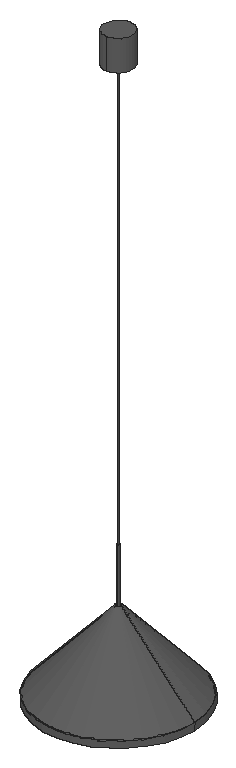
Revit family "Justerbar Lab Pendle_Reagens_Triangle", category Lighting Fixtures, Revit 2021
Family settings
  Round Connector Dimension = Use Diameter
  Part Type = Normal
  OmniClass Number = 23.80.70.00
  OmniClass Title = Lighting
  Work Plane-Based = No
  Always vertical = Yes
  Cut with Voids When Loaded = No
  Light Source = Yes
  Shared = No
  Room Calculation Point = No
Parameters
  Wattage = 9.2903 W
  built-in parameter 1150110 = 1 (stored number, unit not read)
  built-in parameter 1114217 = 1 (stored number, unit not read)
  built-in parameter 1150109 = 1 (stored number, unit not read)
  built-in parameter 1150134 = (empty or 0)
  built-in parameter 1150113 = 1 (stored number, unit not read)
  Spredning = "120"
  MacAdams = "< 3 SCDM"
  Lyskilde = "LED"
  Lumens = 1380 lm
  built-in parameter 1150115 = 1 (stored number, unit not read)
  built-in parameter 1150105 = 109.82 (stored number, unit not read)
  Lumen = "660lm"
  Light Source Symbol Size = 609.6 mm
  built-in parameter 1150137 = (empty or 0)
  built-in parameter 1150139 = (empty or 0)
  Levetid = "L70 50.000 timer"
  Level Heigth [instance] = 4000 mm
  built-in parameter 1150112 = 1 (stored number, unit not read)
  built-in parameter 1150114 = 1 (stored number, unit not read)
  Kjøle metode = "Passiv"
  built-in parameter 1150132 = 2
  built-in parameter 1150102 = (empty or 0)
  built-in parameter 1150138 = (empty or 0)
  built-in parameter 1150107 = 3000 (stored number, unit not read)
  built-in parameter 1150106 = 1.0982 (stored number, unit not read)
  Frekvens Sekundærkilde = "1000 Hz"
  Frekvens = "50-60 Hz"
  Floor thickness [instance] = 400 mm
  Fargetemperatur = "2700K, 3000K,eller DW"
  Farger = "Sort"
  built-in parameter 1150104 = 13.8 (stored number, unit not read)
  Effekt = "6W"
  Driftspenning = "220-240V"
  Dist.floor [instance] = 1800 mm
  Dimming Lamp Color Temperature Shift = <None>
  Dimbar = "Dali eller Triac"
  Default Elevation = 0 mm
  Color Filter = 16777215
  CRI = ">90"
  Beskyttelsesgrad = "IP20"
  built-in parameter 1114218 = 1 (stored number, unit not read)
  built-in parameter 1150133 = 10 (stored number, unit not read)
Reference planes
  plane 1 "Light Source Axis (F/B)": y = 0
  plane 2: z = 0
  plane 3 "Light Source Axis (L/R)": x = 0
  plane 4 "Light Source Elevation": z = 1901.866
  plane 5: z = 2246.117
  plane 6: z = 3503
  plane 7: z = 3510
  plane 8 "Top": z = 4000
  plane 9: z = 3600
  plane 10: z = 1800
Forms (mm)
  Extrusion 1, solid, material "Default New Material"
    sketch origin (0, 0.011, 1200.009) x (0, 1, 0) y (-1, 0, 0)
      loop
        circle (0, 0) r 42.5
    from 2309.991 to 2399.991
  Extrusion 2, solid, material "Default New Material"
    sketch origin (0, 0.011, 1200.009) x (0, 1, 0) y (-1, 0, 0)
      loop
        circle (0, 0) r 6
    from 2302.991 to 2309.991
  Extrusion 3, solid, material "Default New Material"
    sketch origin (0, 0.011, 1200.009) x (0, 1, 0) y (-1, 0, 0)
      loop
        circle (0, 0) r 2.031
    from 1046.108 to 2302.991
Dimensions and locks
  locked: plane 6 to plane 7 at 7
  locked: plane 4 "Light Source Elevation" to plane 5 at 344.252
  "Level Heigth": level to plane 8 "Top"
  "Floor thickness": plane 9 to plane 8 "Top"
  locked: plane 7 to plane 9 at 90
  locked: plane 10 to plane 4 "Light Source Elevation" at 101.866
  "Dist.floor": level to plane 10
  aligned and locked: plane 1 "Light Source Axis (F/B)" to imposter light
  aligned and locked: level to plane 2
  aligned and locked: plane 6 to Extrusion 2
  aligned and locked: plane 7 to Extrusion 1
  aligned and locked: Extrusion 2 to Extrusion 1
  aligned and locked: Extrusion 3 to Extrusion 2
  aligned and locked: Extrusion 3 to plane 5
  aligned and locked: Extrusion 1 to plane 9
  aligned and locked: plane 5 to nested 2
  aligned and locked: nested 3 to nested 2
Automatic sketch dimensions
  Extrusion 1 sketch curve to plane 3 "Light Source Axis (L/R)" = 0 mm
  Extrusion 1 sketch curve to plane 1 "Light Source Axis (F/B)" = 0.011 mm
  Extrusion 2 sketch curve to plane 3 "Light Source Axis (L/R)" = 0 mm
  Extrusion 2 sketch curve to plane 1 "Light Source Axis (F/B)" = 0.011 mm
  Extrusion 3 sketch curve to plane 3 "Light Source Axis (L/R)" = 0 mm
  Extrusion 3 sketch curve to plane 1 "Light Source Axis (F/B)" = 0.011 mm
  radius of Extrusion 1 sketch curve = 42.5 mm
  radius of Extrusion 2 sketch curve = 6 mm
  radius of Extrusion 3 sketch curve = 2.031 mm
Nested families
  nested 1: "2D tegn" at (0, 0, 0), type "2D tegn"
  nested 2: "Family1" at (0, 0, 1287.065), type "Family1"
  nested 3: "Triangle" at (0, 0, 1834.987), type "Triangle"
Definition of nested family "Family1"
  Parameters (values of type "Family1")
    Wattage = 9.2903 W
    built-in parameter 1150110 = 1 (stored number, unit not read)
    built-in parameter 1114217 = 1 (stored number, unit not read)
    built-in parameter 1150109 = 1 (stored number, unit not read)
    built-in parameter 1150134 = 5
    built-in parameter 1150113 = 1 (stored number, unit not read)
    built-in parameter 1150105 = 109.82 (stored number, unit not read)
    Lumens = 1380 lm
    built-in parameter 1150115 = 1 (stored number, unit not read)
    Light Source Symbol Size = 609.6 mm
    built-in parameter 1150137 = (empty or 0)
    built-in parameter 1150139 = (empty or 0)
    built-in parameter 1150112 = 1 (stored number, unit not read)
    built-in parameter 1150114 = 1 (stored number, unit not read)
    built-in parameter 1150132 = (empty or 0)
    built-in parameter 1150102 = (empty or 0)
    built-in parameter 1150107 = 6000 (stored number, unit not read)
    built-in parameter 1150138 = (empty or 0)
    built-in parameter 1150106 = 1.0982 (stored number, unit not read)
    built-in parameter 1150104 = 13.8 (stored number, unit not read)
    Dimming Lamp Color Temperature Shift = (empty or 0)
    Default Elevation = 0 mm
    Color Filter = 16777215
    built-in parameter 1114218 = 1 (stored number, unit not read)
    built-in parameter 1150133 = 10 (stored number, unit not read)
  Reference planes
    plane 1 "Center (Front/Back)": y = 0
    plane 2: z = 0
    plane 3 "Center (Left/Right)": x = 0
  Forms (mm)
    Extrusion 1, solid
      sketch origin (0, 0.011, 1212.964) x (0, 1, 0) y (-1, 0, 0)
        loop
          circle (0, 0) r 3.032
      from -428 to -253.911
    Extrusion 2, solid
      sketch origin (0, 0.011, 1212.964) x (0, 1, 0) y (-1, 0, 0)
        loop
          circle (0, 0) r 15
      from -435 to -428
    Revolve 3, solid
      sketch origin (0, 0.011, -2787.036) x (1, 0, 0) y (0, 0, 1)
        loop
          line (25, 3565) -> (21.832, 3565) -> (0, 3565) -> (0, 3533.682) -> (21.832, 3533.682) -> (21.832, 3499) -> (25, 3499) -> (25, 3565)
        axis (0, 3499) -> (0, 3565)
      angle from 0 to 360
    Revolve 4, solid
      sketch origin (0, 0.011, -2787.036) x (1, 0, 0) y (0, 0, 1)
        loop
          line (0, 3532.984) -> (0, 3499) -> (21.729, 3499) -> (21.729, 3532.984) -> (0, 3532.984)
        axis (0, 3499) -> (0, 3532.984)
      angle from 0 to 360
    Revolve 5, solid
      sketch origin (0, 0.011, -2787.046) x (1, 0, 0) y (0, 0, 1)
        loop
          arc (23.002, 3498.068) -> (22.53, 3498.759) -> (21.731, 3499.009) r 1.275
          line (21.731, 3499.009) -> (20.821, 3499.009)
          arc (20.821, 3499.009) -> (21.664, 3498.576) -> (22.002, 3497.691) r 1.326
          line (22.002, 3497.691) -> (22.002, 3305.625)
          arc (22.002, 3305.625) -> (11.278, 3301.997) -> (0, 3301.01) r 47.486
          line (0, 3301.01) -> (0, 3300.01)
          arc (0, 3300.01) -> (11.808, 3301.088) -> (23.002, 3305) r 48.485
          line (23.002, 3305) -> (23.002, 3498.068)
        axis (0, 3300.01) -> (0, 3499.009)
      angle from 0 to 360
  Lines and regions (mm)
    model lines
      curve 1: line (-0.141, 0, 1713.043) -> (-4.202, 0, 1713.043)
      curve 2: line (-2.171, 0, 1713.043) -> (-2.171, 0, 1714.623)
    model lines, not visible
      curve 3: line (-1454, 0, -2024.844) -> (-1589, 0, -2024.844)
  Dimensions and locks
    locked: Revolve 5 sketch curve to Revolve 5 sketch curve at 22.481
    locked: Revolve 5 sketch curve to Revolve 5 sketch curve at 199.091
    Revolve 5 sketch curve to Revolve 5 sketch curve = 1.77 mm
    aligned and locked: level to plane 2
    aligned and locked: Extrusion 1 to Extrusion 2
Definition of nested family "Triangle"
  Parameters
    Default Elevation = 0 mm
  Reference planes
    plane 1 "Center (Front/Back)": y = 0
    plane 2: z = 0
    plane 3 "Center (Left/Right)": x = 0
  Forms (mm)
    Revolve 1, solid
      sketch origin (0, 0, -3334.959) x (1, 0, 0) y (0, 0, 1)
        loop
          line (225, 3334.959) -> (225, 3354.342)
          arc (225, 3354.342) -> (224.724, 3355.121) -> (224.227, 3355.781) r 2.732
          line (224.227, 3355.781) -> (9, 3584.959) -> (3.396, 3584.959) -> (3.396, 3572) -> (15.198, 3572) -> (15.198, 3565) -> (25, 3565) -> (222.451, 3354.757)
          arc (222.451, 3354.757) -> (222.8, 3354.263) -> (223, 3353.692) r 2.184
          line (223, 3353.692) -> (223, 3334.959) -> (225, 3334.959)
        axis (0, 3334.959) -> (0, 3584.959)
      angle from 0 to 360
    Revolve 2, solid
      sketch origin (0, 0, -3334.959) x (1, 0, 0) y (0, 0, 1)
        loop
          line (222.451, 3354.757) -> (25, 3565)
          arc (25, 3565) -> (25.034, 3564.482) -> (25.245, 3564.009) r 1.468
          line (25.245, 3564.009) -> (222.086, 3354.415)
          arc (222.086, 3354.415) -> (222.389, 3354.108) -> (222.5, 3353.692) r 0.839
          line (222.5, 3353.692) -> (222.5, 3337.311)
          arc (222.5, 3337.311) -> (222.597, 3336.102) -> (223, 3334.959) r 4.696
          line (223, 3334.959) -> (223, 3353.692)
          arc (223, 3353.692) -> (222.8, 3354.263) -> (222.451, 3354.757) r 2.184
        axis (0, 3334.959) -> (0, 3565)
      angle from 0 to 360
  Dimensions and locks
    aligned and locked: level to plane 2
Definition of nested family "2D tegn"
  Reference planes
    plane 1: y = 0
    plane 2: x = 0
  Lines and regions (mm)
    detail lines
      curve 1: circle (0, 0, 0) r 5 normal (0, 0, 1)
      curve 2: line (-3.536, -3.536, 0) -> (3.536, 3.536, 0)
      curve 3: line (3.536, -3.536, 0) -> (-3.536, 3.536, 0)
